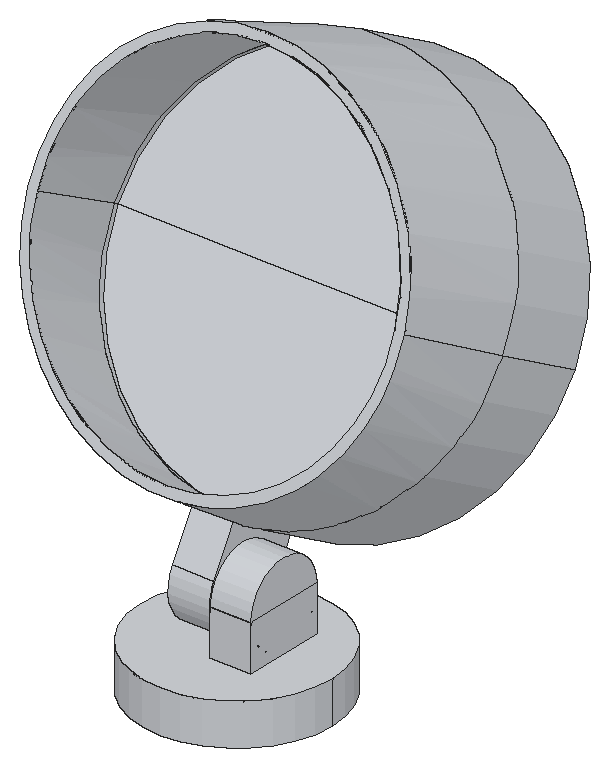
Revit family "Holly Flood Light_120W_3000K", category Lighting Fixtures, Revit 2022
Family settings
  Round Connector Dimension = Use Diameter
  Part Type = Normal
  Work Plane-Based = No
  Always vertical = Yes
  Cut with Voids When Loaded = No
  Light Source = No
  Maintain Annotation Orientation = No
  Shared = No
  Room Calculation Point = No
Parameters (values of type "Holly Flood _120w_3000K_15°")
  Width = 0' - 10 161/256"
  Wattage Comments = "120W"
  URL = "https://www.abovealllighting.com/product/LED-OUTDOOR-FIXTURES/LED-Flood-Light/HOLLYLEDFloodLight-Junctionbox.html"
  Tilt Angle [instance] = 30.00°
  Power Factor = "0.9"
  Model = "HOFL_C120301_15"
  Manufacturer = "Above All Lighting"
  Load Classification = Lighting
  Light Source = 120W-Tiltable : Holly Flood _120w_3000K_15°
  Lamp = "LED"
  Input Voltage = "120-277V"
  IP Rating = 65  # constant formula
  Height = 1' - 2 11/64"
  Delivered Lumen = "10000 lx"
  Default Elevation = 0' - 0"
  CRI = 80  # constant formula
  CCT = "3000K"
  Beam Angle = 15.00°
  Assembly Code = "HOLLY Flood Light - Canopy Cover"
Types (6): name | Width | Model | Light Source | Delivered Lumen | Beam Angle
  (no name) | 0' - 10 161/256" | "HOFL_C120301_15" | 120W-Tiltable : Holly Flood _120w_3000K_15° | "10000 lx" | 15.00°
  Holly Flood _120w_3000K_5° | 10' - 7 143/256" | "HOFL_C120301_5" | 120W-Tiltable : Holly Flood _120w_3000K_5° | "6000 lx" | 5.00°
  Holly Flood _120w_3000K_15° | 0' - 10 161/256" | "HOFL_C120301_15" | 120W-Tiltable : Holly Flood _120w_3000K_15° | "10000 lx" | 15.00°
  Holly Flood _120w_3000K_24° | 0' - 10 161/256" | "HOFL_C120301_24" | 120W-Tiltable : Holly Flood _120w_3000K_24° | "10000 lx" | 24.00°
  Holly Flood _120w_3000K_36° | 0' - 10 161/256" | "HOFL_C120301_36" | 120W-Tiltable : Holly Flood _120w_3000K_36° | "10000 lx" | 36.00°
  Holly Flood _120w_3000K_50° | 0' - 10 161/256" | "HOFL_C120301_50" | 120W-Tiltable : Holly Flood _120w_3000K_50° | "10000 lx" | 50.00°
Reference planes (in)
  plane 1 "Center (Front/Back)": y = 0
  plane 2: z = 0
  plane 3 "Center (Left/Right)": x = 0
  plane 4: z = 1
  plane 5: y = 1.08888
  plane 6: y = -1.08888
  plane 7: x = 1.10583
  plane 8: z = 14.17
  plane 9: z = 2.21875
  plane 10: x = -1.10547
Lines and regions (in)
  reference lines
    curve 1: line (0, 0, 2.21875) -> (0, 7, 14.34311)
    curve 2: line (0, 0, 2.21875) -> (0, 0, -5.79419)
    curve 3: line (0, 0, 2.21875) -> (0, -22.94967, 15.46875)
    curve 4: line (-1.10547, 1.81883, 0) -> (-1.10547, -5.18117, 0)
Dimensions and locks (in)
  locked: plane 5 to curve 2 at 1.08888
  locked: nested 1 to plane 10 at 1.10547
  locked: curve 3 to curve 1 (angle 90.00°)
  "Tilt Angle": angle plane 1 "Center (Front/Back)" to curve 1
  aligned and locked: plane 2 to level
  aligned and locked: plane 5 to nested 1
  aligned and locked: nested 1 to plane 6
  aligned and locked: plane 7 to nested 1  (x2)
  aligned and locked: nested 1 to plane 3 "Center (Left/Right)"
  aligned and locked: plane 4 to nested 1
  aligned and locked: nested 1 to plane 4
  aligned and locked: nested 1 to plane 9
Automatic sketch dimensions
  curve 4 to plane 3 "Center (Left/Right)" = 0' - 1 27/256"
  curve 4 to plane 6 = 0' - 4.09228"
  plane 5 to curve 4 = 0' - 0.72995"
  plane 9 to curve 2 = 0' - 0"
  curve 2 to level = 0' - 5.79419"
Nested families (in)
  nested 1: "5.11inch Base" at (0, -2.48643, -48.27) x (-1, 0, 0) z (0, 0, 1), type "5.11inch Base"
  nested 2: "120W-Tiltable" at (0, 4.6647, 7.19063) x (0, 0.5, 0.866) z (-1, 0, 0), type <- "Light Source", type "Holly Flood _120w_3000K_15°"
    with built-in parameter 1001306 0.77083 (stored number, unit not read)
Definition of nested family "5.11inch Base"
  Parameters (values of type "5.11inch Base")
    Wattage Comments = "26W"
    URL = "https://www.abovealllighting.com/product/LED-OUTDOOR-FIXTURES/LED-Flood-Light/HOLLYLEDFloodLight-Junctionbox.html"
    Power Factor = "0.9"
    Model = "HOFL_C26301_5"
    Manufacturer = "Above All Lighting"
    Load Classification = none
    Lamp = "LED"
    Input Voltage = "120-277V"
    IP Rating = 65
    Height = 0' - 8.41"
    Dia = 0' - 5.11"
    Description = "HOLLY Flood Light - Canopy Cover"
    Depth = 0' - 4.53196"
    Default Elevation = 0' - 0"
    CRI = "80"
    Beam Angle = 5.00°
  Reference planes (in)
    plane 1 "Light Source Axis (F/B)": y = 0
    plane 2: z = 0
    plane 3 "Light Source Axis (L/R)": x = 0
    plane 4 "Light Source Elevation": z = 54
    plane 5: y = -2.48643
  Forms (in)
    Extrusion 1, solid, not visible
      sketch origin (0, -1.27112, 47.22122) x (1, 0, 0) y (0, 1, 0)
        loop
          circle (0, 0) r 1.77
      from 0 to 1.77878
    Extrusion 2, solid, not visible
      sketch origin (0, 0, 0) x (0, 1, 0) y (0, 0, 1)
        loop
          circle (-1.08888, 50.14601) r 1.08888
      from 0 to 1.10583
    Extrusion 3, solid, not visible
      sketch origin (0, 0, 0) x (0, 1, 0) y (0, 0, 1)
        loop
          line (-2.17777, 50.14601) -> (-2.17777, 49) -> (0, 49) -> (0, 50.14601) -> (-2.17777, 50.14601)
      from 0 to 1.10583
    Extrusion 4, solid, not visible
      sketch origin (0, 0, 0) x (1, 0, 0) y (0, 0, 1)
        loop
          circle (0, 54) r 2.555
      from 0 to 2.23741
    SweptBlend 5, solid, not visible
      path origin (0, 0, 0) x (0, 1, 0) y (0, 0, 1)
        loop
          line (-4.34341, 54) -> (-2.23741, 54)
      profile origin (0, -4.34341, 54) x (0, 0, 1) y (1, 0, 0)
        loop
          circle (0, 0) r 2.4
      end profile origin (0, -2.23741, 54) x (0, 0, 1) y (1, 0, 0)
        loop
          circle (0, 0) r 2.555
    Extrusion 6, void, not visible
      sketch origin (0, 0, 0) x (1, 0, 0) y (0, 0, 1)
        loop
          circle (0, 54) r 2.33333
      from 3.60454 to 4.34341
    Extrusion 7, solid, not visible
      sketch origin (-1.10583, -0.02922, 0.20481) x (0, 1, 0) y (0, 0, 1)
        loop
          circle (-1.08888, 50.14601) r 1.08888
      from 0 to 1.10583
    Extrusion 8, solid, not visible
      sketch origin (-1.10583, -0.02922, 1.35081) x (0, 1, 0) y (0, 0, 1)
        loop
          line (-2.17777, 50.3832) -> (-2.17777, 49) -> (0, 49) -> (0, 50.3832) -> (-2.17777, 50.3832)
      from 0 to 1.10583
    Extrusion 9, solid, not visible
      sketch origin (0, 0, 0) x (1, 0, 0) y (0, 0, 1)
        loop
          circle (0, 54) r 2
      from 0 to -0.18855
    Extrusion 10, solid
      sketch origin (0, -2.3042, 47.42602) x (-1, 0, 0) y (0, -1, 0)
        loop
          circle (0, 0) r 2.555
      from 0.71898 to 1.84398
    Extrusion 11, solid
      sketch origin (0, -3.57532, 0.34761) x (0, -1, 0) y (0, 0, 1)
        loop
          circle (-1.08888, 50.14601) r 1.08888
      from 0 to 1.10583
    Extrusion 12, solid
      sketch origin (0, -3.57532, 0.34761) x (0, -1, 0) y (0, 0, 1)
        loop
          line (-2.17777, 50.14601) -> (-2.17777, 48.92726) -> (0, 48.92726) -> (0, 50.14601) -> (-2.17777, 50.14601)
      from 0 to 1.10583
    Extrusion 13, solid, not visible
      sketch origin (0, -2.3042, 47.42602) x (-1, 0, 0) y (0, -1, 0)
        loop
          circle (0, 0) r 1.77
      from 0 to 1.77878
    Extrusion 14, solid, not visible
      sketch origin (0, -3.57532, 0.20481) x (0, -1, 0) y (0, 0, 1)
        loop
          circle (-1.08888, 50.14601) r 1.08888
      from 0 to 1.10583
    Extrusion 15, solid, not visible
      sketch origin (0, -3.57532, 0.20481) x (0, -1, 0) y (0, 0, 1)
        loop
          line (-2.17777, 50.14601) -> (-2.17777, 49) -> (0, 49) -> (0, 50.14601) -> (-2.17777, 50.14601)
      from 0 to 1.10583
    Extrusion 16, solid, not visible
      sketch origin (0, -3.60454, 0) x (-1, 0, 0) y (0, 0, 1)
        loop
          circle (0, 54) r 2.555
      from 0 to 2.23741
    SweptBlend 17, solid, not visible
      path origin (0, -3.60454, 0) x (0, -1, 0) y (0, 0, 1)
        loop
          line (-4.34341, 54) -> (-2.23741, 54)
      profile origin (0, 0.73887, 54) x (0, 0, 1) y (-1, 0, 0)
        loop
          circle (0, 0) r 2.4
      end profile origin (0, -1.36713, 54) x (0, 0, 1) y (-1, 0, 0)
        loop
          circle (0, 0) r 2.555
    Extrusion 18, void, not visible
      sketch origin (0, -3.60454, 0) x (-1, 0, 0) y (0, 0, 1)
        loop
          circle (0, 54) r 2.33333
      from 3.60454 to 4.34341
    Extrusion 19, solid, not visible
      sketch origin (1.10583, -3.57532, 0.20481) x (0, -1, 0) y (0, 0, 1)
        loop
          circle (-1.08888, 50.14601) r 1.08888
      from 0 to 1.10583
    Extrusion 20, solid, not visible
      sketch origin (1.10583, -3.57532, 1.35081) x (0, -1, 0) y (0, 0, 1)
        loop
          line (-2.17777, 50.3832) -> (-2.17777, 49) -> (0, 49) -> (0, 50.3832) -> (-2.17777, 50.3832)
      from 0 to 1.10583
    Extrusion 21, solid, not visible
      sketch origin (0, -3.60454, 0) x (-1, 0, 0) y (0, 0, 1)
        loop
          circle (0, 54) r 2
      from 0 to -0.18855
    Extrusion 22, solid, not visible
      sketch origin (0, -3.60454, 0) x (-1, 0, 0) y (0, 0, 1)
        loop
          circle (0, 54) r 2.555
      from 0 to 2.23741
    SweptBlend 23, solid, not visible
      path origin (0, -3.60454, 0) x (0, -1, 0) y (0, 0, 1)
        loop
          line (-4.34341, 54) -> (-2.23741, 54)
      profile origin (0, 0.73887, 54) x (0, 0, 1) y (-1, 0, 0)
        loop
          circle (0, 0) r 2.4
      end profile origin (0, -1.36713, 54) x (0, 0, 1) y (-1, 0, 0)
        loop
          circle (0, 0) r 2.555
    Extrusion 24, void, not visible
      sketch origin (0, -3.60454, 0) x (-1, 0, 0) y (0, 0, 1)
        loop
          circle (0, 54) r 2.33333
      from 3.60454 to 4.34341
    Extrusion 25, solid, not visible
      sketch origin (0, -2.3042, 47.42602) x (-1, 0, 0) y (0, -1, 0)
        loop
          circle (0, 0) r 1.77
      from 0.71898 to 1.77878
    Extrusion 26, solid, not visible
      sketch origin (0, -3.57532, 0.20481) x (0, -1, 0) y (0, 0, 1)
        loop
          circle (-1.08888, 50.14601) r 1.08888
      from 0 to 1.10583
    Extrusion 27, solid, not visible
      sketch origin (0, -3.57532, 0.20481) x (0, -1, 0) y (0, 0, 1)
        loop
          line (-2.17777, 50.14601) -> (-2.17777, 49) -> (0, 49) -> (0, 50.14601) -> (-2.17777, 50.14601)
      from 0 to 1.10583
    Extrusion 28, solid, not visible
      sketch origin (1.10583, -3.57532, 0.20481) x (0, -1, 0) y (0, 0, 1)
        loop
          circle (-1.08888, 50.14601) r 1.08888
      from 0 to 1.10583
    Extrusion 29, solid, not visible
      sketch origin (1.10583, -3.57532, 1.35081) x (0, -1, 0) y (0, 0, 1)
        loop
          line (-2.17777, 50.3832) -> (-2.17777, 49) -> (0, 49) -> (0, 50.3832) -> (-2.17777, 50.3832)
      from 0 to 1.10583
    Extrusion 30, solid, not visible
      sketch origin (0, -3.60454, 0) x (-1, 0, 0) y (0, 0, 1)
        loop
          circle (0, 54) r 2
      from 0 to -0.18855
  Lines and regions (in)
    reference lines
      curve 1: line (-2.555, 0, 54) -> (-2.555, 0, 60)
      curve 2: line (2.555, 0, 54) -> (2.555, 0, 60)
      curve 3: line (0, -3.60454, 56.555) -> (0, -11.10454, 56.555)
      curve 4: line (0, -4.0742, 48.145) -> (0, -11.10454, 48.145)
      curve 5: line (0, -3.79309, 56) -> (0, -3.79309, 65)
      curve 6: line (0, 0.73887, 56.4) -> (0, 0.73887, 65)
      curve 7: line (0, 0, 104.555) -> (0, 0, 21.555)
  Dimensions and locks (in)
    "Dia": curve 2 to curve 1
    "Height": curve 4 to curve 3
    "Depth": curve 6 to curve 5
    diameter of Extrusion 10 = 0' - 5.11"
    angle curve 7 to plane 4 "Light Source Elevation" = 90.00°
    aligned and locked: level to plane 2
  Automatic sketch dimensions
    Extrusion 12 sketch curve to Extrusion 12 sketch curve = 0' - 2.17777"
    Extrusion 12 sketch curve to Extrusion 12 sketch curve = 0' - 1 7/32"
    SweptBlend 23 sketch curve to profile plane = 0' - 0"  (x2)
    profile plane to SweptBlend 23 sketch curve = 0' - 0"  (x2)
    Extrusion 27 sketch curve to Extrusion 27 sketch curve = 0' - 2.17777"
    Extrusion 27 sketch curve to Extrusion 27 sketch curve = 0' - 1.14601"
    Extrusion 29 sketch curve to Extrusion 29 sketch curve = 0' - 2.17777"
    Extrusion 29 sketch curve to Extrusion 29 sketch curve = 0' - 1.3832"
    SweptBlend 23 sketch curve to SweptBlend 23 sketch curve = 0' - 2.106"
    Extrusion 10 sketch curve to plane 3 "Light Source Axis (L/R)" = 0' - 0"
    plane 5 to Extrusion 10 sketch curve = 0' - 0.18223"
    Extrusion 11 sketch curve to plane 5 = 0' - 0"
    plane 4 "Light Source Elevation" to Extrusion 11 sketch curve = 0' - 3.50638"
    plane 5 to Extrusion 12 sketch curve = 0' - 1.08888"
    plane 4 "Light Source Elevation" to Extrusion 12 sketch curve = 0' - 4.72513"
    curve 1 to plane 4 "Light Source Elevation" = 0' - 0"
    curve 2 to plane 4 "Light Source Elevation" = 0' - 0"
    curve 1 to plane 3 "Light Source Axis (L/R)" = 0' - 2.555"
    curve 2 to curve 2 = 0' - 6"
    curve 1 to curve 2 = 0' - 0"
    curve 7 to plane 1 "Light Source Axis (F/B)" = 0' - 0"
    level to curve 7 = 1' - 9.555"
    curve 3 to plane 5 = 0' - 1.11811"
    curve 5 to plane 5 = 0' - 1.30666"
    curve 4 to plane 5 = 0' - 1.58777"
    curve 4 to curve 4 = 0' - 7.03034"
    curve 3 to plane 4 "Light Source Elevation" = 0' - 2.555"
    curve 3 to curve 5 = 0' - 7.31145"
    curve 5 to curve 3 = 0' - 0.555"
    curve 6 to plane 4 "Light Source Elevation" = 0' - 2.4"
    curve 3 to curve 5 = 0' - 8.445"
    curve 5 to curve 6 = 0' - 0"
    radius of Extrusion 10 sketch curve = 0' - 2.555"
    radius of Extrusion 11 sketch curve = 0' - 1.08888"
    radius of Extrusion 22 sketch curve = 0' - 2.555"
    radius of SweptBlend 23 sketch curve = 0' - 2.4"
    radius of SweptBlend 23 sketch curve = 0' - 2.555"
    radius of Extrusion 24 sketch curve = 0' - 2.33333"
    radius of Extrusion 25 sketch curve = 0' - 1.77"
    radius of Extrusion 26 sketch curve = 0' - 1.08888"
    radius of Extrusion 28 sketch curve = 0' - 1.08888"
    radius of Extrusion 30 sketch curve = 0' - 2"
Definition of nested family "120W-Tiltable"
  Parameters (values of type "Holly Flood _120w_3000K_50°")
    Wattage = 67.321 W
    built-in parameter 1150110 = 1 (stored number, unit not read)
    built-in parameter 1114217 = 1 (stored number, unit not read)
    Tilt Angle = 60.00°
    built-in parameter 1150109 = 1 (stored number, unit not read)
    built-in parameter 1150134 = (empty or 0)
    built-in parameter 1150113 = 1 (stored number, unit not read)
    Photometric Web File = "HOFL_C120301_50.IES"
    built-in parameter 1150105 = 318063.9 (stored number, unit not read)
    Lumens = 10000 lm
    built-in parameter 1150115 = 1 (stored number, unit not read)
    built-in parameter 1150137 = (empty or 0)
    built-in parameter 1150139 = (empty or 0)
    built-in parameter 1001306 [instance] = 4' - 0"
    built-in parameter 1150112 = 1 (stored number, unit not read)
    built-in parameter 1150114 = 1 (stored number, unit not read)
    built-in parameter 1150132 = 2
    built-in parameter 1150102 = (empty or 0)
    built-in parameter 1150107 = 3000 (stored number, unit not read)
    built-in parameter 1150138 = (empty or 0)
    built-in parameter 1150106 = 3180.6 (stored number, unit not read)
    built-in parameter 1150104 = 13.8 (stored number, unit not read)
    Dimming Lamp Color Temperature Shift = (empty or 0)
    Default Elevation = 0' - 0"
    Color Filter = 16777215
    built-in parameter 1114218 = 1 (stored number, unit not read)
    built-in parameter 1150133 = 10 (stored number, unit not read)
  Types (6): name | built-in parameter 1114217 | Photometric Web File
    (no name) | 1 (stored number, unit not read) | "HOFL_C120301_50.IES"
    Holly Flood _120w_3000K_5° | 0.6 (stored number, unit not read) | "HOFL_C120301_5.IES"
    Holly Flood _120w_3000K_15° | 1 (stored number, unit not read) | "HOFL_C120301_15.IES"
    Holly Flood _120w_3000K_24° | 1 (stored number, unit not read) | "HOFL_C120301_24.IES"
    Holly Flood _120w_3000K_36° | 1 (stored number, unit not read) | "HOFL_C120301_36.IES"
    Holly Flood _120w_3000K_50° | 1 (stored number, unit not read) | "HOFL_C120301_50.IES"
  Reference planes (in)
    plane 1 "Center (Front/Back)": y = 0
    plane 2: z = 0
    plane 3 "Left": x = 0
    plane 4 "Right": x = 48
    plane 5: x = 4.20172
  Forms (in)
    Revolve 1, solid
      sketch origin (0, -3.95094, -14.67417) x (0, -1, 0) y (0, 0, 1)
        loop
          line (-4.1664, 14.67417) -> (-1.06826, 14.67417) -> (-1.06826, 19.73951) -> (-0.92023, 19.73951) -> (3.3136, 19.3691) -> (3.3136, 19.6191) -> (-0.9164, 19.98917) -> (-3.6664, 19.98917) -> (-3.6664, 19.17417) -> (-4.1664, 19.17417) -> (-4.1664, 14.67417)
        axis (-4.1664, 14.67417) -> (3.3136, 14.67417)
      angle from 0 to 360
    Extrusion 2, void
      sketch origin (0, 0, 0) x (1, 0, 0) y (0, 1, 0)
        loop
          line (4.94492, -7.26454) -> (-5.14936, -5.48464) -> (-5.14936, -7.26454) -> (4.94492, -7.26454)
      from -8.62276 to 5.67011
    Extrusion 3, solid
      sketch origin (5.27189, -1.55381, 0) x (1, 0, 0) y (0, 1, 0)
        loop
          circle (-11.91001, 0) r 1.09375
      from 0 to 1.10547
    Extrusion 4, solid
      sketch origin (0.61215, -1.55381, 0) x (1, 0, 0) y (0, 1, 0)
        loop
          line (-7.25027, 1.09375) -> (-7.25027, -1.09375) -> (-5.00027, -1.09375) -> (-5.00027, 1.09375) -> (-7.25027, 1.09375)
      from 0 to 1.10547
  Cuts and joins
    Extrusion 2 cuts Revolve 1
  Lines and regions (in)
    reference lines
      curve 1: line (0, 0, 0) -> (48, 0, 0)
      curve 2: line (0, -2.4164, 19.98917) -> (0, -2.4164, 9.35917)
      curve 3: line (5.315, -0.28454, 0) -> (5.315, 8.46546, 0)
      curve 4: line (5.315, 8.46546, 0) -> (-6.63812, 8.46546, 0)
  Dimensions and locks (in)
    "built-in parameter 1001306": plane 3 "Left" to plane 4 "Right"
    aligned and locked: plane 4 "Right" to curve 1
    aligned and locked: plane 1 "Center (Front/Back)" to curve 1
    aligned and locked: plane 3 "Left" to curve 1
    aligned and locked: level to plane 2
  Automatic sketch dimensions
    plane 1 "Center (Front/Back)" to Revolve 1 sketch curve = 0' - 2.88268"
    plane 1 "Center (Front/Back)" to Revolve 1 sketch curve = 0' - 3.03071"
    plane 1 "Center (Front/Back)" to Revolve 1 sketch curve = 0' - 3.03454"
    Revolve 1 sketch curve to Revolve 1 sketch curve = 0' - 0 1/4"
    Revolve 1 sketch curve to Revolve 1 sketch curve = 0' - 0.815"
    Revolve 1 sketch curve to Revolve 1 sketch curve = 0' - 5.06533"
    Extrusion 2 sketch curve to plane 3 "Left" = 0' - 5.14936"
    plane 3 "Left" to Extrusion 2 sketch curve = 0' - 4.94492"
    Extrusion 2 sketch curve to Extrusion 2 sketch curve = 0' - 1.77989"
    plane 1 "Center (Front/Back)" to Extrusion 3 sketch curve = 0' - 1.55381"
    Extrusion 3 sketch curve to plane 3 "Left" = 0' - 6.63813"
    plane 1 "Center (Front/Back)" to Revolve 1 sketch curve = 0' - 0.28454"
    Revolve 1 sketch curve to plane 1 "Center (Front/Back)" = 0' - 0.21546"
    Revolve 1 sketch curve to Revolve 1 sketch curve = 0' - 5 1/2"
    level to curve 2 = 0' - 9.35917"
    curve 2 to curve 2 = 0' - 10.63"
    level to Revolve 1 sketch curve = 0' - 0"
    Revolve 1 sketch curve to Revolve 1 sketch curve = 0' - 0.56533"
    Revolve 1 sketch curve to Revolve 1 sketch curve = 0' - 0.37041"
    Revolve 1 sketch curve to Revolve 1 sketch curve = 0' - 0"
    plane 1 "Center (Front/Back)" to curve 2 = 0' - 2.4164"
    Revolve 1 sketch curve to Revolve 1 sketch curve = 0' - 4.23383"
    Revolve 1 sketch curve to Revolve 1 sketch curve = 0' - 5.52"
    plane 1 "Center (Front/Back)" to Extrusion 2 sketch curve = 0' - 7.26454"
    plane 1 "Center (Front/Back)" to Extrusion 4 sketch curve = 0' - 2.64756"
    Extrusion 4 sketch curve to plane 3 "Left" = 0' - 6.63813"
    plane 1 "Center (Front/Back)" to Extrusion 4 sketch curve = 0' - 0.46006"
    Extrusion 4 sketch curve to Extrusion 4 sketch curve = 0' - 2 1/4"
    curve 4 to plane 3 "Left" = 0' - 6.63813"
    plane 5 to curve 3 = 0' - 1 29/256"
    plane 1 "Center (Front/Back)" to curve 3 = 0' - 0.28454"
    curve 4 to plane 1 "Center (Front/Back)" = 0' - 8.46546"
    radius of Extrusion 3 sketch curve = 0' - 1 3/32"
